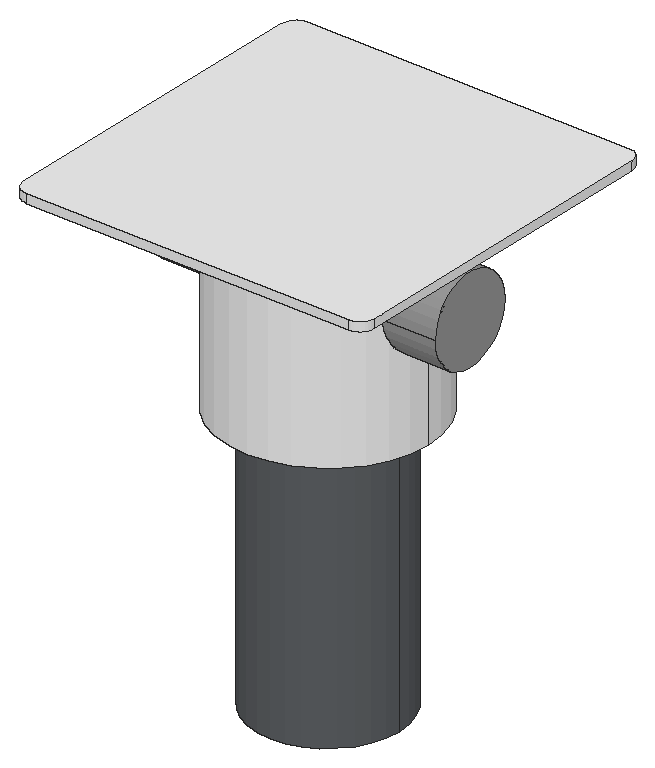
Revit family "KEUCO_59916000075_", category Generic Models, Revit 2016
Family settings
  Part Type = Normal
  Can host rebar = No
  Round Connector Dimension = Use Diameter
  Work Plane-Based = Yes
  Always vertical = No
  Cut with Voids When Loaded = No
  Shared = No
  Room Calculation Point = No
Parameters (values of type "59916000075")
  Verwendung = "GWC / WP / ZU"  # constant formula
  Preisgruppe = ""
  Kategorie = "ARM\r\nARM\r\nARM"
  Gewicht = 0
  Breite = 45 mm
  URL = "https://www.keuco.com/de/produkte/sortiment/artikel/?pid=59916&oid=6&pgo=19&country=de&lang=de&vid=59916000075"
  Materialien bei Hersteller anfragen = "Anfrage zu:  objektmanagement@keuco.de"
  Description = "Grundkörper für Wandeinbau,\r\nEinbautiefe 70 - 100 mm"
  Default Elevation = 1219.2 mm
  Serie = "Plan"  # constant formula
  Material = Stahl, verchromt
  Manufacturer = "KEUCO"  # constant formula
  Assembly Code = ""
  Ausschreibungstext = "KEUCO Grundkörper für Einhebel-Waschtischmischer, 59916000075\r\nfür KEUCO Einhebel-Waschtischmischer UP, \r\n\r\nPassend zu Artikel Nr. \r\n59516010101, 59516011101, 59516012101\r\n59516010102, 59516011102, 59516012102\r\n52916010101, 52916010000, 52916070101\r\n52916070000, 52916170101, 52916170000"
  Artikelnummer = "59916000075"
Reference planes
  plane 1 "Center (Front/Back)": y = 0
  plane 2: z = 0
  plane 3 "Center (Left/Right)": x = 0
Forms (mm)
  Extrusion 1, solid, material "Stahl, verchromt" <- "Material"
    sketch origin (0, 16.5, -23) x (1, 0, 0) y (0, 1, 0)
      loop
        circle (0.019, -16.484) r 35
    from -50.071 to 20
  Extrusion 2, solid, material "Stahl, verchromt" <- "Material"
    sketch origin (0, 16.5, 0) x (0, 1, 0) y (-1, 0, 0)
      loop
        arc (44.5, 56) -> (43.036, 59.536) -> (39.5, 61) r 5
        line (39.5, 61) -> (-72.5, 61)
        arc (-72.5, 61) -> (-76.036, 59.536) -> (-77.5, 56) r 5
        line (-77.5, 56) -> (-77.5, -56)
        arc (-77.5, -56) -> (-76.036, -59.536) -> (-72.5, -61) r 5
        line (-72.5, -61) -> (39.5, -61)
        arc (39.5, -61) -> (43.036, -59.536) -> (44.5, -56) r 5
        line (44.5, -56) -> (44.5, 56)
    from 0 to -3
  Extrusion 3, solid, material "Schwarzgrau"
    sketch origin (0, 16.5, -188.071) x (0, 1, 0) y (-1, 0, 0)
      loop
        circle (-16.5, 0) r 25
      loop
        circle (-16.5, 0) r 21.992
    from 21.987 to 115
  Extrusion 4, solid, material "Aluminum, Anodized Red"
    sketch origin (10.617, -0.559, -32.959) x (0, 1, 0) y (0, 0, 1)
      loop
        circle (0, 4.388) r 15
    from 20.785 to 39.383
  Extrusion 5, solid, material "Aluminum, Anodized Red"
    sketch origin (-10.617, -0.559, -32.959) x (0, 1, 0) y (0, 0, -1)
      loop
        circle (0, -4.388) r 15
    from 20.797 to 39.383
Dimensions and locks
  Extrusion 1 to Extrusion 1 = 70.071 mm
  aligned and locked: level to plane 2
